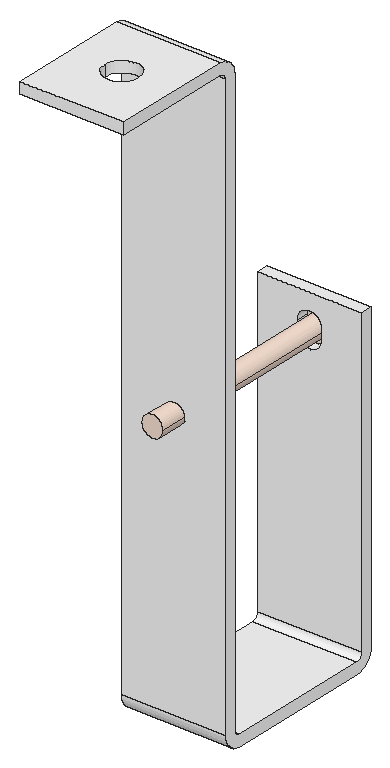
Revit family "75×45×15LGハンガー(外折れ)", category 機械設備, Revit 2020
Family settings
  丸型コネクタ寸法 = 直径を使用
  種別 = なし
  パーツ タイプ = 標準
  作業面ベース = いいえ
  常に垂直 = はい
  ロード時にボイドで切り取り = いいえ
  共有 = いいえ
  部屋計算ポイント = いいえ
Parameters
  製造元 = "株式会社桐井製作所"
  既定の高さ = 0 mm
  URL = "https://www.kirii.co.jp/"
  K_材質 = "SGHC　一般用"
  K_品名 = "75×45×15LGハンガー(外折れ)"
  K_名称 = "その他ハンガー"
  K_入数 = "100"
  K_バージョン情報 = "20211012"
  K_めっき付着量 = "Z12"
  K_JIS規格 = "JIS G 3302"
Reference planes
  plane 1 "中心(正面/背面)": y = 0
  plane 2: z = 0
  plane 3 "中心(左/右)": x = 0
  plane 4: x = 15
  plane 5: x = -15
Forms (mm)
  Extrusion 1, solid
    sketch origin (0, 0, 0) x (0, 1, 0) y (0, 0, 1)
      loop
        line (0, 1.8) -> (0, 171.8)
        arc (0, 171.8) -> (-1.464, 175.336) -> (-5, 176.8) r 5
        line (-5, 176.8) -> (-40, 176.8) -> (-40, 173.6) -> (-5, 173.6)
        arc (-5, 173.6) -> (-3.727, 173.073) -> (-3.2, 171.8) r 1.8
        line (-3.2, 171.8) -> (-3.2, 1.8)
        arc (-3.2, 1.8) -> (-1.736, -1.736) -> (1.8, -3.2) r 5
        line (1.8, -3.2) -> (44.2, -3.2)
        arc (44.2, -3.2) -> (47.736, -1.736) -> (49.2, 1.8) r 5
        line (49.2, 1.8) -> (49.2, 89.8) -> (46, 89.8) -> (46, 1.8)
        arc (46, 1.8) -> (45.473, 0.527) -> (44.2, 0) r 1.8
        line (44.2, 0) -> (1.8, 0)
        arc (1.8, 0) -> (0.527, 0.527) -> (0, 1.8) r 1.8
    from -15 to 15
  Extrusion 2, void
    sketch origin (0, 0, 0) x (1, 0, 0) y (0, 1, 0)
      loop
        circle (0, -22.019) r 5
    from 173.6 to 176.8
  Extrusion 3, void
    sketch origin (0, 0, 0) x (1, 0, 0) y (0, 0, 1)
      loop
        circle (0, 79.96) r 3
    from 0 to 3.2
  Extrusion 4, void
    sketch origin (0, 15, 15) x (1, 0, 0) y (0, 0, 1)
      loop
        arc (3.5, 66.5) -> (0, 70) -> (-3.5, 66.5) r 3.5
        line (-3.5, 66.5) -> (-3.5, 63.5)
        arc (-3.5, 63.5) -> (0, 60) -> (3.5, 63.5) r 3.5
        line (3.5, 63.5) -> (3.5, 66.5)
    from -34.2 to -31
Cuts and joins
  Extrusion 2, Extrusion 3, Extrusion 4 cuts Extrusion 1
Dimensions and locks
  aligned and locked: level to plane 2
Nested families
  nested 1: "M6×60ボルト" at (-0.01, 49.2, 80.161) x (-1, 0, 0) z (0, 0, 1), type "M6×60ボルト"
Definition of nested family "M6×60ボルト"
  Parameters (values of type "M6×60ボルト")
    Manufacturer = "株式会社桐井製作所"
    Default Elevation = 0 mm
    URL = "https://www.kirii.co.jp/"
    K_名称 = "M6×60ボルト"
  Reference planes
    plane 1 "中心(正面/背面)": y = 0
    plane 2: z = 0
    plane 3 "中心(左/右)": x = 0
    plane 4 "正面": y = -4
  Forms (mm)
    Extrusion 1, solid
      sketch origin (0, 0, 0) x (1, 0, 0) y (0, 0, 1)
        loop
          line (-4.763, -2.946) -> (0, -5.696) -> (4.763, -2.946) -> (4.763, 2.554) -> (0, 5.304) -> (-4.763, 2.554) -> (-4.763, -2.946)
      from 0 to 4
    Extrusion 2, void
      sketch origin (0, -4, 0) x (-1, 0, 0) y (0, 0, 1)
        loop
          circle (0, -0.156) r 4.396
      from 0 to 1
    Extrusion 3, void
      sketch origin (0, -4, 0) x (-1, 0, 0) y (0, 0, 1)
        loop
          arc (-0.6, 1.814) -> (-1.069, 0.856) -> (-2.036, 0.404) r 1.605
          line (-2.036, 0.404) -> (-2.939, 0.404)
          arc (-2.939, 0.404) -> (-3, -0.195) -> (-2.94, -0.795) r 3
          line (-2.94, -0.795) -> (-2.049, -0.795)
          arc (-2.049, -0.795) -> (-1.074, -1.243) -> (-0.6, -2.206) r 1.605
          line (-0.6, -2.206) -> (-0.6, -3.135)
          arc (-0.6, -3.135) -> (0, -3.196) -> (0.6, -3.135) r 3
          line (0.6, -3.135) -> (0.6, -2.206)
          arc (0.6, -2.206) -> (1.074, -1.243) -> (2.049, -0.795) r 1.605
          line (2.049, -0.795) -> (2.94, -0.795)
          arc (2.94, -0.795) -> (3, -0.198) -> (2.941, 0.398) r 3
          line (2.941, 0.398) -> (2.117, 0.398)
          arc (2.117, 0.398) -> (1.098, 0.828) -> (0.6, 1.814) r 1.605
          line (0.6, 1.814) -> (0.6, 2.743)
          arc (0.6, 2.743) -> (0, 2.804) -> (-0.6, 2.743) r 3
          line (-0.6, 2.743) -> (-0.6, 1.814)
      from 0 to 2
    Extrusion 4, solid
      sketch origin (0, 0, 0) x (1, 0, 0) y (0, 0, 1)
        loop
          circle (-0.011, -0.2) r 3
      from 0 to -60
  Cuts and joins
    Extrusion 2, Extrusion 3 cuts Extrusion 1
    joined: Extrusion 1, Extrusion 4
  Dimensions and locks
    aligned and locked: level to plane 2
